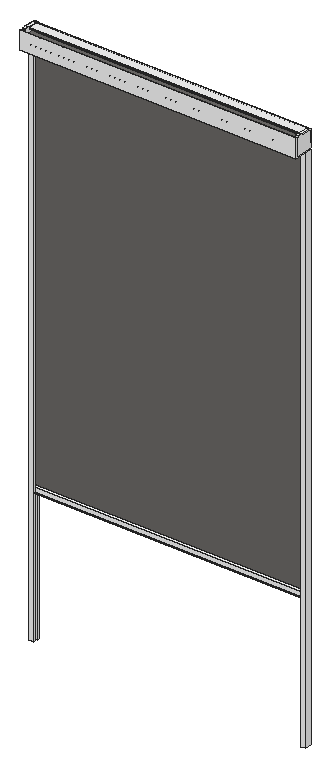
Revit family "Shades-Hunter_Douglas-RB500-Single_Standard_Duty-Auto-Bracket_Block_Out-3in-tw77-ky", category Specialty Equipment, Revit 2019
Family settings
  Round Connector Dimension = Use Diameter
  Part Type = Normal
  OmniClass Number = 23.30.60.14
  OmniClass Title = Interior Window Treatment
  Work Plane-Based = No
  Always vertical = Yes
  Cut with Voids When Loaded = No
  Shared = No
  Room Calculation Point = No
Parameters (values of type "Automated")
  URL = "https://www.hunterdouglasarchitectural.com/"
  Type Comments = "Block Out Shade"  # constant formula
  Model = "Standard Duty Automated 3IN Bracket Block Out"  # constant formula
  Manufacturer = "Hunter Douglas Architectural"  # constant formula
  Description = "Standard Duty Automated Roller Shade"  # constant formula
  CD_Width [instance] = 4' - 0"
  CD_Warranty = "https://assets.hunterdouglasarchitectural.com/documents/RB500/Lifetime_Guarantee_HDA.pdf?_rand=1465740819000"
  CD_Product Page URL = "https://www.hunterdouglasarchitectural.com/windowcoverings/rollershades/RB500/index.jsp"
  CD_Product Name = "RB 500 Roller Shade System"  # constant formula
  CD_Product Documentation Link = "https://www.hunterdouglasarchitectural.com/windowcoverings/rollershades/RB500/index.jsp#cadDrawing"
  CD_Opening Percentage [instance] = 25
  CD_Microsite = "https://microsite.caddetails.com/1669"
  CD_Install Documentation = "https://www.hunterdouglasarchitectural.com/windowcoverings/rollershades/RB500/index.jsp#installationPage"
  CD_Height Opening [instance] = ((CD_Height - CD_Bracket Height - 0' 1 101/256") * CD_Opening Percentage) / 100  # 1' - 10.82324"
  CD_Height [instance] = 8' - 0"
  CD_Finish Rail = Metal-Aluminum-Hunter_Douglas-Anodized-White
  CD_Finish Frame = Metal-Aluminum-Hunter_Douglas-Anodized-White
  CD_Finish = Fabric-Shade-Hunter_Douglas-5%-E_Screen-Charcoal_Cocoa
  CD_Fabric Sizing Disclaimer = "Designer to verify maximum fabric size with Manufacturer as the maximum fabric size is dependent on finished dimensions"  # constant formula
  CD_Bracket Height = 0' - 3 5/16"  # constant formula
  CD_Bracket Depth = 0' - 3 9/64"  # constant formula
  Assembly Code = "E2010300"
Reference planes (in)
  plane 1 "Center (Front/Back)": y = -0.06427
  plane 2 "Bottom": z = 0
  plane 3 "Center (Left/Right)": x = 0
  plane 4 "Top": z = 96
  plane 5 "Left": x = -24
  plane 6 "Right": x = 24
  plane 7 "Back": y = 1.57031
  plane 8 "Front": y = -1.57031
  plane 9 "Opening": z = 22.82324
  plane 10 "Head Height": z = 92.6875
  plane 11 "Shade Left": x = -23.44922
  plane 12 "Shade Right": x = 23.44922
  plane 13 "Blind Location": y = 0.98718
  plane 14 "Center (Elevation)": z = 94.24448
Forms (in)
  Extrusion 1, solid, material "Metal-Aluminum-Hunter_Douglas-Anodized-White" <- "CD_Finish Frame", detail levels coarse
    sketch origin (0, 0, 0) x (0, 1, 0) y (0, 0, 1)
      loop
        line (1.57031, 92.6875) -> (1.57031, 96) -> (-1.57031, 96) -> (-1.57031, 92.6875) -> (1.57031, 92.6875)
    from -24 to 24
  Extrusion 2, solid, material "Metal-Aluminum-Hunter_Douglas-Anodized-White" <- "CD_Finish Rail", detail levels fine
    sketch origin (0, 0, -20.35107) x (0, 1, 0) y (0, 0, 1)
      loop
        line (1.29937, 43.48662) -> (1.29937, 44.25399)
        arc (1.29937, 44.25399) -> (1.0071, 44.56704) -> (0.67475, 44.29692) r 0.31379
        line (0.67475, 44.29692) -> (0.67475, 43.48662)
        arc (0.67475, 43.48662) -> (0.98706, 43.17431) -> (1.29937, 43.48662) r 0.31231
    from -23.44922 to 23.44922
  Extrusion 3, solid, material "Fabric-Shade-Hunter_Douglas-5%-E_Screen-Charcoal_Cocoa" <- "CD_Finish"
    sketch origin (0, 0, 0) x (0, 1, 0) y (0, 0, 1)
      loop
        line (1.00467, 22.82324) -> (1.00467, 93.46875) -> (0.96969, 93.46875) -> (0.96969, 22.82324) -> (1.00467, 22.82324)
    from -23.44922 to 23.44922
  Extrusion 4, solid, material "Metal-Aluminum-Hunter_Douglas-Anodized-White" <- "CD_Finish Rail", detail levels fine
    sketch origin (0, 0, 0) x (1, 0, 0) y (0, 1, 0)
      loop
        line (-23.17198, 1.29937) -> (-23.17198, 1.52017) -> (-24, 1.52017) -> (-24, 0.45419) -> (-23.17198, 0.45419) -> (-23.17198, 0.67475) -> (-23.44922, 0.67475) -> (-23.44922, 1.29937) -> (-23.17198, 1.29937)
      loop
        line (23.17198, 1.29937) -> (23.44922, 1.29937) -> (23.44922, 0.67475) -> (23.17198, 0.67475) -> (23.17198, 0.45419) -> (24, 0.45419) -> (24, 1.52017) -> (23.17198, 1.52017) -> (23.17198, 1.29937)
    from 0 to 92.6875
  Extrusion 5, solid, material "Metal-Aluminum-Hunter_Douglas-Anodized-White" <- "CD_Finish Rail", detail levels coarse
    sketch origin (0, 0, 0) x (1, 0, 0) y (0, 1, 0)
      loop
        line (-24, 1.52017) -> (-24, 0.45767) -> (-23.44922, 0.45767) -> (-23.44922, 1.52017) -> (-24, 1.52017)
      loop
        line (24, 1.52017) -> (23.44922, 1.52017) -> (23.44922, 0.45767) -> (24, 0.45767) -> (24, 1.52017)
    from 0 to 92.6875
  Extrusion 6, solid, material "Fabric-Shade-Hunter_Douglas-5%-E_Screen-Charcoal_Cocoa" <- "CD_Finish"
    sketch origin (0, 0, 0) x (0, 1, 0) y (0, 0, 1)
      loop
        arc (0.88708, 94.09361) -> (-1.00414, 94.45534) -> (0.86036, 93.97449) r 0.96324
        line (0.86036, 93.97449) -> (0.96969, 92.41411) -> (1.00459, 92.41655) -> (0.88708, 94.09361)
    from -23.44922 to 23.44922
  Extrusion 7, solid, material "Metal-Aluminum-Hunter_Douglas-Anodized-White" <- "CD_Finish Frame", detail levels medium+fine
    sketch origin (0, 0, 0.00115) x (0, 1, 0) y (0, 0, 1)
      loop
        arc (0.70388, 92.68635) -> (0.77067, 92.70622) -> (0.81573, 92.75937) r 0.12217
        line (0.81573, 92.75937) -> (-1.4994, 92.75937) -> (-1.4994, 95.87162) -> (-1.57031, 95.87162) -> (-1.57031, 92.68635) -> (0.70388, 92.68635)
    from -24 to 24
  Extrusion 8, solid, material "Metal-Aluminum-Hunter_Douglas-Anodized-White" <- "CD_Finish Frame", detail levels medium+fine
    sketch origin (0, 0, 0.00115) x (0, 1, 0) y (0, 0, 1)
      loop
        line (1.49031, 95.77162) -> (1.49031, 93.95162) -> (1.57031, 93.95162) -> (1.57031, 95.80162)
        arc (1.57031, 95.80162) -> (1.52638, 95.90768) -> (1.42031, 95.95162) r 0.15
        line (1.42031, 95.95162) -> (-0.42969, 95.95162) -> (-0.42969, 95.87162) -> (1.39031, 95.87162)
        arc (1.39031, 95.87162) -> (1.46102, 95.84233) -> (1.49031, 95.77162) r 0.1
    from -24 to 24
  Extrusion 9, solid, material "Metal-Aluminum-Hunter_Douglas-Anodized-White" <- "CD_Finish Frame", detail levels medium+fine
    sketch origin (0, 0, 0.00115) x (0, 1, 0) y (0, 0, 1)
      loop
        line (1.57031, 92.95162) -> (1.57031, 95.95162) -> (-0.92969, 95.95162) -> (-0.92969, 95.64988) -> (-1.42969, 95.56173) -> (-1.42969, 92.95162) -> (1.57031, 92.95162)
    from 23.44922 to 24
  Extrusion 10, solid, material "Metal-Aluminum-Hunter_Douglas-Anodized-White" <- "CD_Finish Frame", detail levels medium+fine
    sketch origin (-34.25, 0, 0.00115) x (0, 1, 0) y (0, 0, 1)
      loop
        line (1.57031, 92.95162) -> (1.57031, 95.95162) -> (-0.92969, 95.95162) -> (-0.92969, 95.64988) -> (-1.42969, 95.56173) -> (-1.42969, 92.95162) -> (1.57031, 92.95162)
    from 10.25 to 10.80078
Cuts and joins
  joined: Extrusion 3, Extrusion 6
Lines and regions (in)
  Masking region 1, detail levels fine
    outline origin (0, 0, 0) x (0, 1, 0) y (0, 0, 1)
      loop
        arc (1.29937, 23.90293) -> (1.0071, 24.21597) -> (0.67475, 23.94586) r 0.31379
        line (0.67475, 23.94586) -> (0.67475, 23.13555)
        arc (0.67475, 23.13555) -> (0.98706, 22.82324) -> (1.29937, 23.13555) r 0.31231
        line (1.29937, 23.13555) -> (1.29937, 23.90293)
Dimensions and locks (in)
  "CD_Height": plane 4 "Top" to plane 2 "Bottom"
  equal spacing: plane 5 "Left", plane 3 "Center (Left/Right)", plane 6 "Right"
  "CD_Width": plane 5 "Left" to plane 6 "Right"
  plane 1 "Center (Front/Back)" to plane 7 "Back" = 0' - 1.63458"
  "CD_Bracket Depth": plane 8 "Front" to plane 7 "Back"
  Extrusion 2 sketch curve to Extrusion 2 sketch curve to Extrusion 2 sketch curve to Extrusion 2 sketch curve to Extrusion 2 sketch curve to plane 9 "Opening" to Extrusion 2 sketch curve = 0' - 0.27086" locked, 0' - 0.04293" locked, 0' - 0.76737" locked, 0' - 0" locked, 0' - 0.31231" locked, 0' - 0" locked
  Extrusion 2 sketch curve to plane 13 "Blind Location" to Extrusion 2 sketch curve = 0' - 0.31219" locked, 0' - 0.31243" locked
  locked: Extrusion 3 sketch curve to plane 10 "Head Height" at 0.78125
  Extrusion 3 sketch curve to plane 13 "Blind Location" to Extrusion 3 sketch curve = 0' - 0.01749" locked, 0' - 0.01749" locked
  locked: plane 5 "Left" to plane 11 "Shade Left" at 0.55078
  locked: plane 12 "Shade Right" to plane 6 "Right" at 0.55078
  "CD_Height Opening": plane 9 "Opening" to level
  "CD_Bracket Height": plane 4 "Top" to plane 10 "Head Height"
  Masking region 1 sketch curve to Masking region 1 sketch curve to Masking region 1 sketch curve to Masking region 1 sketch curve to Masking region 1 sketch curve to plane 9 "Opening" to Masking region 1 sketch curve = 0' - 0.27086" locked, 0' - 0.04293" locked, 0' - 0.76737" locked, 0' - 0" locked, 0' - 0.31231" locked, 0' - 0" locked
  Masking region 1 sketch curve to plane 13 "Blind Location" to Masking region 1 sketch curve = 0' - 0.31219" locked, 0' - 0.31243" locked
  Extrusion 4 sketch curve to plane 11 "Shade Left" to Extrusion 4 sketch curve to Extrusion 4 sketch curve = 0' - 0 141/256" locked, 0' - 0.27724" locked, 0' - 0" locked
  Extrusion 4 sketch curve to Extrusion 4 sketch curve to plane 13 "Blind Location" to Extrusion 4 sketch curve to Extrusion 4 sketch curve = 0' - 0.22057" locked, 0' - 0.31243" locked, 0' - 0.31219" locked, 0' - 0.2208" locked  (x2)
  Extrusion 5 sketch curve to plane 13 "Blind Location" to Extrusion 5 sketch curve = 0' - 0.52951" locked, 0' - 0.53299" locked  (x2)
  Extrusion 9 sketch curve to plane 7 "Back" to Extrusion 9 sketch curve to Extrusion 9 sketch curve = 0' - 0" locked, 0' - 2 1/2" locked, 0' - 0 1/2" locked
  plane 4 "Top" to Extrusion 9 sketch curve to Extrusion 9 sketch curve to Extrusion 9 sketch curve to Extrusion 9 sketch curve = 0' - 0.04724" locked, 0' - 0.30173" locked, 0' - 0.08816" locked, 0' - 2.61011" locked
  plane 4 "Top" to Extrusion 7 sketch curve to Extrusion 7 sketch curve to Extrusion 7 sketch curve = 0' - 0.12724" locked, 0' - 3.11225" locked, 0' - 0.07302" locked
  plane 7 "Back" to Extrusion 7 sketch curve to Extrusion 7 sketch curve to Extrusion 7 sketch curve = 0' - 0.74426" locked, 0' - 2.32546" locked, 0' - 0.07091" locked
  Extrusion 10 sketch curve to plane 7 "Back" to Extrusion 10 sketch curve to Extrusion 10 sketch curve = 0' - 0" locked, 0' - 2 1/2" locked, 0' - 0 1/2" locked
  plane 4 "Top" to Extrusion 10 sketch curve to Extrusion 10 sketch curve to Extrusion 10 sketch curve to Extrusion 10 sketch curve = 0' - 0.04724" locked, 0' - 0.30173" locked, 0' - 0.08816" locked, 0' - 2.61011" locked
  plane 7 "Back" to Extrusion 6 sketch curve to Extrusion 6 sketch curve to Extrusion 6 sketch curve = 0' - 0.56573" locked, 0' - 0.0349" locked, 0' - 1.99719" locked
  plane 4 "Top" to Extrusion 6 sketch curve to Extrusion 6 sketch curve to Extrusion 6 sketch curve to Extrusion 6 sketch curve to Extrusion 6 sketch curve = 0' - 0.79228" locked, 0' - 1.11411" locked, 0' - 0.11912" locked, 0' - 1.55794" locked, 0' - 0.00245" locked
  Extrusion 8 sketch curve to plane 7 "Back" to Extrusion 8 sketch curve to Extrusion 8 sketch curve = 0' - 0" locked, 0' - 0.08" locked, 0' - 1.92" locked
  plane 4 "Top" to Extrusion 8 sketch curve to Extrusion 8 sketch curve to Extrusion 8 sketch curve = 0' - 0.04724" locked, 0' - 0.08" locked, 0' - 1.92" locked
  locked: plane 14 "Center (Elevation)" to plane 10 "Head Height" at 1.55698
  locked: plane 8 "Front" to plane 1 "Center (Front/Back)" at 1.50604
  Extrusion 4 sketch curve to Extrusion 4 sketch curve to Extrusion 4 sketch curve to plane 12 "Shade Right" to Extrusion 5 = 0' - 0" locked, 0' - 0.27724" locked, 0' - 0" locked, 0' - 0 141/256" locked
  aligned and locked: plane 2 "Bottom" to level
  aligned and locked: plane 4 "Top" to Extrusion 1 sketch curve
  aligned and locked: plane 8 "Front" to Extrusion 1 sketch curve
  aligned and locked: Extrusion 1 sketch curve to plane 7 "Back"
  aligned and locked: Extrusion 1 sketch curve to plane 10 "Head Height"
  aligned and locked: Extrusion 1 to plane 5 "Left"
  aligned and locked: plane 6 "Right" to Extrusion 1
  aligned and locked: Extrusion 3 to plane 11 "Shade Left"
  aligned and locked: plane 12 "Shade Right" to Extrusion 3
  aligned and locked: Extrusion 3 to plane 9 "Opening"
  aligned and locked: Extrusion 4 sketch curve to plane 6 "Right"
  aligned and locked: plane 10 "Head Height" to Extrusion 4
  aligned and locked: Extrusion 4 to level
  aligned and locked: Extrusion 5 sketch curve to plane 5 "Left"
  aligned and locked: plane 11 "Shade Left" to Extrusion 5 sketch curve
  aligned and locked: Extrusion 5 sketch curve to plane 6 "Right"
  aligned and locked: plane 12 "Shade Right" to Extrusion 5 sketch curve
  aligned and locked: Extrusion 5 to level
  aligned and locked: plane 10 "Head Height" to Extrusion 5
  aligned and locked: Extrusion 6 to plane 11 "Shade Left"
  aligned and locked: plane 12 "Shade Right" to Extrusion 6
  aligned and locked: Extrusion 2 to plane 11 "Shade Left"
  aligned and locked: plane 12 "Shade Right" to Extrusion 2
  aligned and locked: Extrusion 10 to plane 5 "Left"
  aligned and locked: plane 11 "Shade Left" to Extrusion 10
  aligned and locked: Extrusion 7 to plane 5 "Left"
  aligned and locked: plane 6 "Right" to Extrusion 7
  aligned and locked: plane 6 "Right" to Extrusion 9
  aligned and locked: Extrusion 9 to plane 12 "Shade Right"
  aligned and locked: plane 6 "Right" to Extrusion 8
  aligned and locked: Extrusion 8 to plane 5 "Left"
Automatic sketch dimensions
  plane 9 "Opening" to Extrusion 3 sketch curve = 0' - 0"
  plane 11 "Shade Left" to Extrusion 4 sketch curve = 0' - 0"
  Extrusion 7 sketch curve to plane 1 "Center (Front/Back)" = 0' - 0.76815"
  plane 7 "Back" to Extrusion 8 sketch curve = 0' - 0.15"
  Extrusion 8 sketch curve to Extrusion 8 sketch curve = 0' - 0.03"
